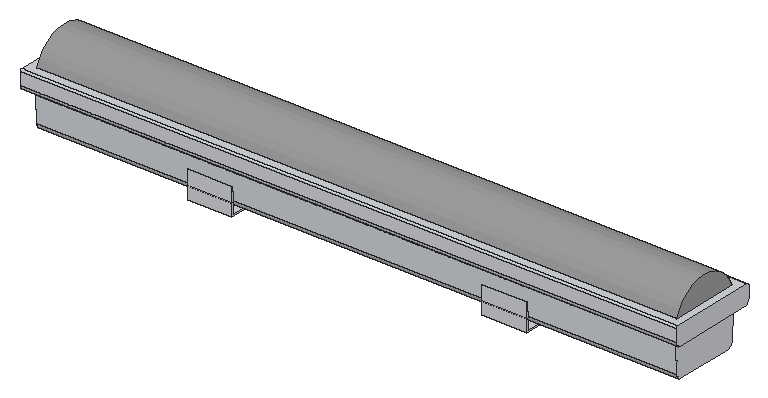
Revit family "0010207", category Lighting Fixtures, host Face, Revit 2017
Family settings
  Host = Face
  Round Connector Dimension = Use Diameter
  Part Type = Normal
  OmniClass Number = 23.80.70.00
  OmniClass Title = Lighting
  Cut with Voids When Loaded = No
  Light Source = Yes
  Shared = No
  Room Calculation Point = No
Parameters (values of type "0010207 RESISTO 600 HE IP66 2500LM 840")
  Weight = "0.96 kg"
  Wattage Comments = ""
  Wattage = 16 W
  WarrantyStartDate [instance] = "n/a"
  WarrantyGuarantorParts = "n/a"
  WarrantyDurationUnit = "n/a"
  WarrantyDurationParts = "n/a"
  WarrantyDescription = "n/a"
  WIDTH_SYL = 44.5 mm
  built-in parameter 1150110 = 1 (stored number, unit not read)
  Voltage = 0 V
  URL = "http://www.sylvania-lighting.com"
  TypeName = "Resisto  600 HE IP66 2500lm 840"
  Type Image = <None>
  Type Comments = "n/a"
  built-in parameter 1114217 = 1 (stored number, unit not read)
  Tilt Angle = -90.00°
  built-in parameter 1150109 = 1 (stored number, unit not read)
  built-in parameter 1150134 = 12
  TOP_WIDTH_SYL = 33.5 mm
  built-in parameter 1150113 = 1 (stored number, unit not read)
  SerialNumber [instance] = "n/a"
  Photometric Web File = "0010207.ies"
  Material_3_SYL = none
  PowerFactor = 0.95
  PowerConsumption = "16 W"
  NominalLength = 650 mm
  NominalHeight = 80 mm
  NominalDepth = 87 mm
  Name = "Resisto  600 HE IP66 2500lm 840"
  ModelReference = Name  # "Resisto  600 HE IP66 2500lm 840"
  ModelNumber = "0010207"
  Model = Name  # "Resisto  600 HE IP66 2500lm 840"
  Material = "pc polycarbonate housing, pc polycarbonate diffuser"
  ManufacturerName = "Feilo Sylvania"
  Manufacturer = "Feilo Sylvania"
  MID_WIDTH_SYL = 36 mm
  LuminousEfficacy = "156 lm/W"
  built-in parameter 1150105 = 829.02 (stored number, unit not read)
  Lumens = 2496 lm
  LuminaireType = ""
  built-in parameter 1150115 = 1 (stored number, unit not read)
  LightOutputRatio = "n/a"
  built-in parameter 1150137 = (empty or 0)
  built-in parameter 1150139 = (empty or 0)
  LampsType = Lamp  # "LED"
  LampNominalLuminous = "2500 lm"
  LampMacAdamStep = "3"
  LampColourTemperature = "4000 K"
  LampColourRenderingIndex = "80"
  built-in parameter 1150112 = 1 (stored number, unit not read)
  built-in parameter 1150114 = 1 (stored number, unit not read)
  Lamp = "LED"
  LENGHT_SYL = if(L1500_SYL, 742 mm, if(L1200_SYL, 592 mm, 317 mm))  # 317 mm
  LENGHT_CHAMFER_SYL = if(L1500_SYL, 750 mm, if(L1200_SYL, 600 mm, 325 mm))  # 325 mm
  LENGHT_650_SYL = 325 mm
  LENGHT-_SYL = if(L1500_SYL, -742 mm, if(L1200_SYL, -592 mm, -317 mm))  # -317 mm
  LENGHT-_CHAMFER_SYL = if(L1500_SYL, -750 mm, if(L1200_SYL, -600 mm, -325 mm))  # -325 mm
  LEGHT_650-_SYL = -325 mm
  LEGHT_1500_SYL = 750 mm
  LEGHT_1500-_SYL = -750 mm
  LEGHT_1200_SYL = 600 mm
  LEGHT_1200-_SYL = -600 mm
  L0650_SYL = yes
  L1500_SYL = no
  L1200_SYL = no
  Keynote = "16500"
  InstallationDate [instance] = "n/a"
  InputVoltage = "n/a"
  InputNominalFrequency = "n/a"
  built-in parameter 1150132 = (empty or 0)
  built-in parameter 1150102 = (empty or 0)
  built-in parameter 1150107 = 4000 (stored number, unit not read)
  built-in parameter 1150138 = (empty or 0)
  IngressProtection = "IP66"
  ImpactProtectionIndex = "IK08"
  built-in parameter 1150106 = 8.2902 (stored number, unit not read)
  IfcExportType = "IfcLightFixtureType"
  IfcExportAs = "IfcLightFixtureType"
  Emit from Circle Diameter = 609.6 mm
  Emit Shape Visible in Rendering = no
  ElectricShockClassification = "Class I"
  built-in parameter 1150104 = 14.493 (stored number, unit not read)
  DocumentationLiterature = "http://www.sylvania-lighting.com/product/en-int/products/0010207"
  DimmingControlOptions = "n/a"
  Material_2_SYL = none
  Dimming Lamp Color Temperature Shift = <None>
  Description = "Resisto, integrated LED weatherproof luminaire, with UV stabilized flat diffuser designed to achieve uniform lit appearance, optimise light output and to reduce glare. 301 stainless steel diffuser clips and fixing brackets for surface mounting. Polycarbonate housing and diffuser - no yellow discolouration over time. 2500lm; 16W; 156lm/W; 4000K; SDCM<3; non dimmable; CRI80; IP66; IK08; Class I; 69,000hrs (L80B20) lifespan; 650mm x 89mm x 88mm; D-mark."
  Default Elevation = 1219.2 mm
  DIF_WIDHT_SYL = 35 mm
  DIF_HEIGHT_SYL = 24 mm
  CreatedOn = "3/10/2021"
  CreatedBy = "@sylvania-lighting.com"
  Cost = 0
  Color Filter = 16777215
  built-in parameter 1114216 [instance] = (empty or 0)
  ClassificationValue = "EF_70_80"
  ClassificationName = "Uniclass2015"
  Material_1_SYL = Default
  CHAMFER_SYL = 19 mm
  BarCode [instance] = "n/a"
  built-in parameter 1114218 = 1 (stored number, unit not read)
  BRACKET_WIDTH_SYL = BRACKET_DIST_SYL - 44 mm  # 125 mm
  BRACKET_HEIGHT_SYL = 9 mm
  BRACKET_DIST_SYL = LENGHT_CHAMFER_SYL - 156 mm  # 169 mm
  BODY_SYL = 36 mm
  built-in parameter 1150133 = 10 (stored number, unit not read)
  AssetType = "Fixed"
  AssetIdentifier [instance] = "n/a"
  Assembly Code = "D5020200"
  Apparent Load = 16 VA
  Material_4_SYL = none
Reference planes
  plane 1 "Center (Front/Back)": y = 0
  plane 2: z = 0
  plane 3 "Center (Left/Right)": x = 0
  plane 4: z = 9
  plane 5: z = 45
  plane 6: z = 64
  plane 7: z = 88
  plane 8: y = -44.5
  plane 9: y = 44.5
  plane 10: y = -35
  plane 11: y = 35
  plane 12: y = 33.5
  plane 13: y = -33.5
  plane 14: y = -36
  plane 15: y = 36
  plane 16: z = 1
Forms (mm)
  Extrusion 1, solid
    sketch origin (319, 1524, 1219.2) x (0, 1, 0) y (0, 0, 1)
      loop
        line (-1552.835, -1210.2) -> (-1495.165, -1210.2)
        arc (-1495.165, -1210.2) -> (-1491.754, -1208.856) -> (-1490.177, -1205.546) r 5
        line (-1490.177, -1205.546) -> (-1488.323, -1178.854) -> (-1488, -1174.2) -> (-1560, -1174.2) -> (-1559.677, -1178.854) -> (-1557.823, -1205.546)
        arc (-1557.823, -1205.546) -> (-1556.246, -1208.856) -> (-1552.835, -1210.2) r 5
    from -317 <- "LENGHT-_SYL" to 317 <- "LENGHT_SYL"
  Extrusion 2, solid, material "Default" <- "Material_1_SYL"
    sketch origin (319, 1524, 1219.2) x (0, 1, 0) y (0, 0, 1)
      loop
        arc (-1490.5, -1155.2) -> (-1524, -1131.2) -> (-1557.5, -1155.2) r 35.38
        line (-1557.5, -1155.2) -> (-1490.5, -1155.2)
    from -317 <- "LENGHT-_SYL" to 317 <- "LENGHT_SYL"
  Extrusion 3, solid
    sketch origin (319, 1524, 1219.2) x (0, 1, 0) y (0, 0, 1)
      loop
        line (-1481.5, -1155.2) -> (-1566.5, -1155.2)
        arc (-1566.5, -1155.2) -> (-1567.914, -1155.786) -> (-1568.5, -1157.2) r 2
        line (-1568.5, -1157.2) -> (-1568.5, -1169.2)
        arc (-1568.5, -1169.2) -> (-1567.036, -1172.736) -> (-1563.5, -1174.2) r 5
        line (-1563.5, -1174.2) -> (-1484.5, -1174.2)
        arc (-1484.5, -1174.2) -> (-1480.964, -1172.736) -> (-1479.5, -1169.2) r 5
        line (-1479.5, -1169.2) -> (-1479.5, -1157.2)
        arc (-1479.5, -1157.2) -> (-1480.086, -1155.786) -> (-1481.5, -1155.2) r 2
    from -325 <- "LENGHT-_CHAMFER_SYL" to 325 <- "LENGHT_CHAMFER_SYL"
  Extrusion 4, solid
    sketch origin (319, 1524, 1219.2) x (0, 1, 0) y (0, 0, 1)
      loop
        line (-1489, -1219.2) -> (-1489, -1192.216) -> (-1490.5, -1192.216) -> (-1490.5, -1218.2) -> (-1557.5, -1218.2) -> (-1557.5, -1192.172) -> (-1559, -1192.172) -> (-1559, -1219.2) -> (-1489, -1219.2)
    from 125 <- "BRACKET_WIDTH_SYL" to 169 <- "BRACKET_DIST_SYL"
  Extrusion 5, solid
    sketch origin (321, 1524, 1219.2) x (0, 1, 0) y (0, 0, -1)
      loop
        line (-1489, 1219.2) -> (-1559, 1219.2) -> (-1559, 1192.172) -> (-1557.5, 1192.172) -> (-1557.5, 1218.2) -> (-1490.5, 1218.2) -> (-1490.5, 1192.216) -> (-1489, 1192.216) -> (-1489, 1219.2)
    from 125 <- "BRACKET_WIDTH_SYL" to 169 <- "BRACKET_DIST_SYL"
Dimensions and locks
  "BRACKET_HEIGHT_SYL": plane 4 to host face
  "BODY_SYL": plane 4 to plane 5
  "CHAMFER_SYL": plane 5 to plane 6
  "DIF_HEIGHT_SYL": plane 6 to plane 7
  "WIDTH_SYL": plane 9 to plane 1 "Center (Front/Back)" to plane 8
  "DIF_WIDHT_SYL": plane 11 to plane 1 "Center (Front/Back)" to plane 10
  "TOP_WIDTH_SYL": plane 12 to plane 1 "Center (Front/Back)" to plane 13
  "MID_WIDTH_SYL": plane 15 to plane 1 "Center (Front/Back)" to plane 14
  aligned and locked: plane 2 to host face
  aligned and locked: level to host face
  aligned and locked: Extrusion 3 sketch curve to plane 6
  aligned and locked: Extrusion 3 sketch curve to plane 9
  aligned and locked: plane 5 to Extrusion 3 sketch curve
  aligned and locked: plane 8 to Extrusion 3 sketch curve
Automatic sketch dimensions
  host sketch curve to host sketch curve = 2438.4 mm  (x2)
  plane 5 to Extrusion 1 sketch curve = 0 mm
  Extrusion 1 sketch curve to plane 14 = 0 mm
  plane 4 to Extrusion 1 sketch curve = 0 mm
  Extrusion 1 sketch curve to plane 15 = 0 mm
  Extrusion 1 sketch curve to plane 14 = 0.323 mm
  plane 13 to Extrusion 1 sketch curve = 0.323 mm
  Extrusion 1 sketch curve to plane 13 = 4.665 mm
  plane 12 to Extrusion 1 sketch curve = 4.665 mm
  Extrusion 1 sketch curve to plane 12 = 0.323 mm
  plane 15 to Extrusion 1 sketch curve = 0.323 mm
  Extrusion 1 sketch curve to plane 4 = 4.654 mm  (x2)
  plane 5 to Extrusion 1 sketch curve = 4.654 mm  (x2)
  plane 6 to Extrusion 2 sketch curve = 0 mm
  Extrusion 2 sketch curve to plane 13 = 0 mm
  Extrusion 2 sketch curve to plane 1 "Center (Front/Back)" = 0 mm
  Extrusion 2 sketch curve to plane 5 = 7.62 mm
  Extrusion 3 sketch curve to plane 8 = 2 mm
  plane 14 to Extrusion 3 sketch curve = 3.5 mm
  Extrusion 3 sketch curve to plane 15 = 3.5 mm
  plane 6 to Extrusion 3 sketch curve = 2 mm
  Extrusion 4 sketch curve to level = 0 mm
  Extrusion 4 sketch curve to plane 10 = 0 mm
  Extrusion 4 sketch curve to plane 13 = 0 mm
  Extrusion 4 sketch curve to plane 12 = 0 mm
  Extrusion 4 sketch curve to plane 11 = 0 mm
  plane 16 to Extrusion 4 sketch curve = 0 mm
  Extrusion 4 sketch curve to plane 4 = 17.984 mm
  plane 5 to Extrusion 4 sketch curve = 17.972 mm
  Extrusion 5 sketch curve to level = 0 mm
  Extrusion 5 sketch curve to plane 10 = 0 mm
  Extrusion 5 sketch curve to plane 13 = 0 mm
  Extrusion 5 sketch curve to plane 12 = 0 mm
  Extrusion 5 sketch curve to plane 11 = 0 mm
  plane 16 to Extrusion 5 sketch curve = 0 mm
  Extrusion 5 sketch curve to plane 4 = 17.984 mm
  plane 5 to Extrusion 5 sketch curve = 17.972 mm
Connectors
  electrical at (2, 0, 27)
    settings: on Extrusion 1, index 1, voltage 0 V, apparent load 0 VA, apparent load phase1 0 VA, apparent load phase2 0 VA, apparent load phase3 0 VA, power factor 1, load classification "Other", number of poles 1, system type 31, power factor state 1, is connector primary yes, connector utility no, sub classification motor no, connector description ""
Types (60, lengths in mm): name | Weight | Wattage | TypeName | built-in parameter 1150134 | Photometric Web File | PowerFactor | PowerConsumption | NominalLength | Name | ModelReference | ModelNumber | Model | LuminousEfficacy | built-in parameter 1150105 | Lumens | LampNominalLuminous | LampMacAdamStep | LampColourTemperature | LENGHT_SYL | LENGHT_CHAMFER_SYL | LENGHT-_SYL | LENGHT-_CHAMFER_SYL | L0650_SYL | L1500_SYL | L1200_SYL | built-in parameter 1150107 | built-in parameter 1150106 | built-in parameter 1150104 | DocumentationLiterature | Description | BRACKET_WIDTH_SYL | BRACKET_DIST_SYL | Apparent Load
  0010278 RESISTO 1500 HE IP66 8300LM 840 | "1.95 kg" | 54 W | "Resisto 1500 HE IP66 8300lm 840" | 12 | "0010278.ies" | 0.95 | "54 W" | 1500 | "Resisto 1500 HE IP66 8300lm 840" | "Resisto 1500 HE IP66 8300lm 840" | "0010278" | "Resisto 1500 HE IP66 8300lm 840" | "154 lm/W" | 2674.3 (stored number, unit not read) | 8316 lm | "8300 lm" | "3" | "4000 K" | 742 | 750 | -742 | -750 | no | yes | no | 4000 (stored number, unit not read) | 26.743 (stored number, unit not read) | 14.307 (stored number, unit not read) | "http://www.sylvania-lighting.com/product/en-int/products/0010278" | "Resisto, integrated LED weatherproof luminaire, with UV stabilized flat diffuser designed to achieve uniform lit appearance, optimise light output and to reduce glare. 301 stainless steel diffuser clips and fixing brackets for surface mounting. Polycarbonate housing and diffuser - no yellow discolouration over time. 8300lm; 54W; 154lm/W; 4000K; SDCM<3; non dimmable; CRI80; IP66; IK08; Class I; 69,000hrs (L80B20) lifespan; 1500mm x 89mm x 88mm; D-mark." | 550 | 594 | 54 VA
  0010274 RESISTO 1500 HE IP66 DALI 7100LM 840 | "2.01 kg" | 46 W | "Resisto 1500 HE IP66 DALI 7100lm 840" | 12 | "0010274.ies" | 0.98 | "46 W" | 1500 | "Resisto 1500 HE IP66 DALI 7100lm 840" | "Resisto 1500 HE IP66 DALI 7100lm 840" | "0010274" | "Resisto 1500 HE IP66 DALI 7100lm 840" | "154 lm/W" | 2362.2 (stored number, unit not read) | 7084 lm | "7100 lm" | "3" | "4000 K" | 742 | 750 | -742 | -750 | no | yes | no | 4000 (stored number, unit not read) | 23.622 (stored number, unit not read) | 14.307 (stored number, unit not read) | "http://www.sylvania-lighting.com/product/en-int/products/0010274" | "Resisto, integrated LED weatherproof luminaire, with UV stabilized flat diffuser designed to achieve uniform lit appearance, optimise light output and to reduce glare. 301 stainless steel diffuser clips and fixing brackets for surface mounting. Polycarbonate housing and diffuser - no yellow discolouration over time. 7100lm; 46W; 154lm/W; 4000K; SDCM<3; DALI dimmable; CRI80; IP66; IK08; Class I; 69,000hrs (L80B20) lifespan; 1500mm x 89mm x 88mm; D-mark." | 550 | 594 | 46 VA
  0010273 RESISTO 1500 HE IP66 DALI 4000LM 840 | "1.95 kg" | 25 W | "Resisto 1500 HE IP66 DALI 4000lm 840" | 12 | "0010273.ies" | 0.98 | "25 W" | 1500 | "Resisto 1500 HE IP66 DALI 4000lm 840" | "Resisto 1500 HE IP66 DALI 4000lm 840" | "0010273" | "Resisto 1500 HE IP66 DALI 4000lm 840" | "160 lm/W" | 1286.3 (stored number, unit not read) | 4000 lm | "4000 lm" | "3" | "4000 K" | 742 | 750 | -742 | -750 | no | yes | no | 4000 (stored number, unit not read) | 12.863 (stored number, unit not read) | 14.864 (stored number, unit not read) | "http://www.sylvania-lighting.com/product/en-int/products/0010273" | "Resisto, integrated LED weatherproof luminaire, with UV stabilized flat diffuser designed to achieve uniform lit appearance, optimise light output and to reduce glare. 301 stainless steel diffuser clips and fixing brackets for surface mounting. Polycarbonate housing and diffuser - no yellow discolouration over time. 4000lm; 25W; 160lm/W; 4000K; SDCM<3; DALI dimmable; CRI80; IP66; IK08; Class I; 69,000hrs (L80B20) lifespan; 1500mm x 89mm x 88mm; D-mark." | 550 | 594 | 25 VA
  0010272 RESISTO 1500 HE IP66 7100LM 840 EM | "2.58 kg" | 50 W | "Resisto 1500 HE IP66 7100lm 840 EM" | 12 | "0010272.ies" | 0.95 | "50 W" | 1500 | "Resisto 1500 HE IP66 7100lm 840 EM" | "Resisto 1500 HE IP66 7100lm 840 EM" | "0010272" | "Resisto 1500 HE IP66 7100lm 840 EM" | "142 lm/W" | 2367.5 (stored number, unit not read) | 7100 lm | "7100 lm" | "3" | "4000 K" | 742 | 750 | -742 | -750 | no | yes | no | 4000 (stored number, unit not read) | 23.675 (stored number, unit not read) | 13.192 (stored number, unit not read) | "http://www.sylvania-lighting.com/product/en-int/products/0010272" | "Resisto, integrated LED weatherproof luminaire, with UV stabilized flat diffuser designed to achieve uniform lit appearance, optimise light output and to reduce glare. 301 stainless steel diffuser clips and fixing brackets for surface mounting. Polycarbonate housing and diffuser - no yellow discolouration over time. 7100lm; 50W; 142lm/W; 4000K; SDCM<3; non dimmable; CRI80; IP66; IK08; Class I; 69,000hrs (L80B20) lifespan; 1500mm x 89mm x 88mm; D-mark; 3-hour maintained emergency batteries." | 550 | 594 | 50 VA
  0010271 RESISTO 1500 HE IP66 4000LM 840 EM | "2.51 kg" | 29 W | "Resisto 1500 HE IP66 4000lm 840 EM" | 12 | "0010271.ies" | 0.95 | "29 W" | 1500 | "Resisto 1500 HE IP66 4000lm 840 EM" | "Resisto 1500 HE IP66 4000lm 840 EM" | "0010271" | "Resisto 1500 HE IP66 4000lm 840 EM" | "138 lm/W" | 1287 (stored number, unit not read) | 4002 lm | "4000 lm" | "3" | "4000 K" | 742 | 750 | -742 | -750 | no | yes | no | 4000 (stored number, unit not read) | 12.87 (stored number, unit not read) | 12.821 (stored number, unit not read) | "http://www.sylvania-lighting.com/product/en-int/products/0010271" | "Resisto, integrated LED weatherproof luminaire, with UV stabilized flat diffuser designed to achieve uniform lit appearance, optimise light output and to reduce glare. 301 stainless steel diffuser clips and fixing brackets for surface mounting. Polycarbonate housing and diffuser - no yellow discolouration over time. 4000lm; 29W; 138lm/W; 4000K; SDCM<3; non dimmable; CRI80; IP66; IK08; Class I; 69,000hrs (L80B20) lifespan; 1500mm x 89mm x 88mm; D-mark; 3-hour maintained emergency batteries." | 550 | 594 | 29 VA
  0010269 RESISTO 1500 HE IP66 7100LM 840 | "1.95 kg" | 46 W | "Resisto  1500 HE IP66 7100lm 840" | 12 | "0010269.ies" | 0.95 | "46 W" | 1500 | "Resisto  1500 HE IP66 7100lm 840" | "Resisto  1500 HE IP66 7100lm 840" | "0010269" | "Resisto  1500 HE IP66 7100lm 840" | "154 lm/W" | 2362.2 (stored number, unit not read) | 7084 lm | "7100 lm" | "3" | "4000 K" | 742 | 750 | -742 | -750 | no | yes | no | 4000 (stored number, unit not read) | 23.622 (stored number, unit not read) | 14.307 (stored number, unit not read) | "http://www.sylvania-lighting.com/product/en-int/products/0010269" | "Resisto, integrated LED weatherproof luminaire, with UV stabilized flat diffuser designed to achieve uniform lit appearance, optimise light output and to reduce glare. 301 stainless steel diffuser clips and fixing brackets for surface mounting. Polycarbonate housing and diffuser - no yellow discolouration over time. 7100lm; 46W; 154lm/W; 4000K; SDCM<3; non dimmable; CRI80; IP66; IK08; Class I; 69,000hrs (L80B20) lifespan; 1500mm x 89mm x 88mm; D-mark." | 550 | 594 | 46 VA
  0010268 RESISTO 1500 HE IP66 4000LM 840 | "1.87 kg" | 25 W | "Resisto  1500 HE IP66 4000lm 840" | 12 | "0010268.ies" | 0.95 | "25 W" | 1500 | "Resisto  1500 HE IP66 4000lm 840" | "Resisto  1500 HE IP66 4000lm 840" | "0010268" | "Resisto  1500 HE IP66 4000lm 840" | "160 lm/W" | 1286.3 (stored number, unit not read) | 4000 lm | "4000 lm" | "3" | "4000 K" | 742 | 750 | -742 | -750 | no | yes | no | 4000 (stored number, unit not read) | 12.863 (stored number, unit not read) | 14.864 (stored number, unit not read) | "http://www.sylvania-lighting.com/product/en-int/products/0010268" | "Resisto, integrated LED weatherproof luminaire, with UV stabilized flat diffuser designed to achieve uniform lit appearance, optimise light output and to reduce glare. 301 stainless steel diffuser clips and fixing brackets for surface mounting. Polycarbonate housing and diffuser - no yellow discolouration over time. 4000lm; 25W; 160lm/W; 4000K; SDCM<3; non dimmable; CRI80; IP66; IK08; Class I; 69,000hrs (L80B20) lifespan; 1500mm x 89mm x 88mm; D-mark." | 550 | 594 | 25 VA
  0010261 RESISTO 1500 IP66 DALI 8300LM 840 | "2.01 kg" | 61 W | "Resisto  1500 IP66 DALI 8300lm 840" | 12 | "0010261.ies" | 0.99 | "61 W" | 1500 | "Resisto  1500 IP66 DALI 8300lm 840" | "Resisto  1500 IP66 DALI 8300lm 840" | "0010261" | "Resisto  1500 IP66 DALI 8300lm 840" | "136 lm/W" | 2792.8 (stored number, unit not read) | 8296 lm | "8300 lm" | "5" | "4000 K" | 742 | 750 | -742 | -750 | no | yes | no | 4000 (stored number, unit not read) | 27.928 (stored number, unit not read) | 12.635 (stored number, unit not read) | "http://www.sylvania-lighting.com/product/en-int/products/0010261" | "Resisto, integrated LED weatherproof luminaire, with UV stabilized flat diffuser designed to achieve uniform lit appearance, optimise light output and to reduce glare. 301 stainless steel diffuser clips and fixing brackets for surface mounting. Polycarbonate housing and diffuser - no yellow discolouration over time. 8300lm; 61W; 136lm/W; 4000K; SDCM<5; DALI dimmable; CRI80; IP66; IK08; Class I; 69,000hrs (L80B20) lifespan; 1500mm x 89mm x 88mm; D-mark." | 550 | 594 | 61 VA
  0010260 RESISTO 1500 IP66 DALI 7100LM 840 | "2.01 kg" | 52 W | "Resisto  1500 IP66 DALI 7100lm 840" | 12 | "0010260.ies" | 0.99 | "52 W" | 1500 | "Resisto  1500 IP66 DALI 7100lm 840" | "Resisto  1500 IP66 DALI 7100lm 840" | "0010260" | "Resisto  1500 IP66 DALI 7100lm 840" | "137 lm/W" | 2375.5 (stored number, unit not read) | 7124 lm | "7100 lm" | "5" | "4000 K" | 742 | 750 | -742 | -750 | no | yes | no | 4000 (stored number, unit not read) | 23.755 (stored number, unit not read) | 12.728 (stored number, unit not read) | "http://www.sylvania-lighting.com/product/en-int/products/0010260" | "Resisto, integrated LED weatherproof luminaire, with UV stabilized flat diffuser designed to achieve uniform lit appearance, optimise light output and to reduce glare. 301 stainless steel diffuser clips and fixing brackets for surface mounting. Polycarbonate housing and diffuser - no yellow discolouration over time. 7100lm; 52W; 137lm/W; 4000K; SDCM<5; DALI dimmable; CRI80; IP66; IK08; Class I; 69,000hrs (L80B20) lifespan; 1500mm x 89mm x 88mm; D-mark." | 550 | 594 | 52 VA
  0010259 RESISTO 1500 IP66 DALI 4000LM 840 | "1.95 kg" | 30 W | "Resisto  1500 IP66 DALI 4000lm 840" | 12 | "0010259.ies" | 0.98 | "30 W" | 1500 | "Resisto  1500 IP66 DALI 4000lm 840" | "Resisto  1500 IP66 DALI 4000lm 840" | "0010259" | "Resisto  1500 IP66 DALI 4000lm 840" | "133 lm/W" | 1283.1 (stored number, unit not read) | 3990 lm | "4000 lm" | "5" | "4000 K" | 742 | 750 | -742 | -750 | no | yes | no | 4000 (stored number, unit not read) | 12.831 (stored number, unit not read) | 12.356 (stored number, unit not read) | "http://www.sylvania-lighting.com/product/en-int/products/0010259" | "Resisto, integrated LED weatherproof luminaire, with UV stabilized flat diffuser designed to achieve uniform lit appearance, optimise light output and to reduce glare. 301 stainless steel diffuser clips and fixing brackets for surface mounting. Polycarbonate housing and diffuser - no yellow discolouration over time. 4000lm; 30W; 133lm/W; 4000K; SDCM<5; DALI dimmable; CRI80; IP66; IK08; Class I; 69,000hrs (L80B20) lifespan; 1500mm x 89mm x 88mm; D-mark." | 550 | 594 | 30 VA
  0010258 RESISTO 1500 IP66 MWCOR 7100LM 840 | "2.06 kg" | 52 W | "Resisto  1500 IP66 MWcor 7100lm 840" | 12 | "0010258.ies" | 0.99 | "52 W" | 1500 | "Resisto  1500 IP66 MWcor 7100lm 840" | "Resisto  1500 IP66 MWcor 7100lm 840" | "0010258" | "Resisto  1500 IP66 MWcor 7100lm 840" | "137 lm/W" | 2375.5 (stored number, unit not read) | 7124 lm | "7100 lm" | "5" | "4000 K" | 742 | 750 | -742 | -750 | no | yes | no | 4000 (stored number, unit not read) | 23.755 (stored number, unit not read) | 12.728 (stored number, unit not read) | "http://www.sylvania-lighting.com/product/en-int/products/0010258" | "Resisto, integrated LED weatherproof luminaire, with UV stabilized flat diffuser designed to achieve uniform lit appearance, optimise light output and to reduce glare. 301 stainless steel diffuser clips and fixing brackets for surface mounting. Polycarbonate housing and diffuser - no yellow discolouration over time. 7100lm; 52W; 137lm/W; 4000K; SDCM<5; non dimmable; CRI80; IP66; IK08; Class I; 69,000hrs (L80B20) lifespan; 1500mm x 89mm x 88mm; D-mark; corridor function with microwave presence sensor." | 550 | 594 | 52 VA
  0010257 RESISTO 1500 IP66 MWCOR 4000LM 840 | "2.0 kg" | 30 W | "Resisto  1500 IP66 MWcor 4000lm 840" | 12 | "0010257.ies" | 0.98 | "30 W" | 1500 | "Resisto  1500 IP66 MWcor 4000lm 840" | "Resisto  1500 IP66 MWcor 4000lm 840" | "0010257" | "Resisto  1500 IP66 MWcor 4000lm 840" | "133 lm/W" | 1283.1 (stored number, unit not read) | 3990 lm | "4000 lm" | "5" | "4000 K" | 742 | 750 | -742 | -750 | no | yes | no | 4000 (stored number, unit not read) | 12.831 (stored number, unit not read) | 12.356 (stored number, unit not read) | "http://www.sylvania-lighting.com/product/en-int/products/0010257" | "Resisto, integrated LED weatherproof luminaire, with UV stabilized flat diffuser designed to achieve uniform lit appearance, optimise light output and to reduce glare. 301 stainless steel diffuser clips and fixing brackets for surface mounting. Polycarbonate housing and diffuser - no yellow discolouration over time. 4000lm; 30W; 133lm/W; 4000K; SDCM<5; non dimmable; CRI80; IP66; IK08; Class I; 69,000hrs (L80B20) lifespan; 1500mm x 89mm x 88mm; D-mark; corridor function with microwave presence sensor." | 550 | 594 | 30 VA
  0010256 RESISTO 1500 IP66 MW 7100LM 840 | "2.0 kg" | 52 W | "Resisto  1500 IP66 MW 7100lm 840" | 12 | "0010256.ies" | 0.95 | "52 W" | 1500 | "Resisto  1500 IP66 MW 7100lm 840" | "Resisto  1500 IP66 MW 7100lm 840" | "0010256" | "Resisto  1500 IP66 MW 7100lm 840" | "137 lm/W" | 2375.5 (stored number, unit not read) | 7124 lm | "7100 lm" | "5" | "4000 K" | 742 | 750 | -742 | -750 | no | yes | no | 4000 (stored number, unit not read) | 23.755 (stored number, unit not read) | 12.728 (stored number, unit not read) | "http://www.sylvania-lighting.com/product/en-int/products/0010256" | "Resisto, integrated LED weatherproof luminaire, with UV stabilized flat diffuser designed to achieve uniform lit appearance, optimise light output and to reduce glare. 301 stainless steel diffuser clips and fixing brackets for surface mounting. Polycarbonate housing and diffuser - no yellow discolouration over time. 7100lm; 52W; 137lm/W; 4000K; SDCM<5; non dimmable; CRI80; IP66; IK08; Class I; 69,000hrs (L80B20) lifespan; 1500mm x 89mm x 88mm; D-mark; MW On/Off." | 550 | 594 | 52 VA
  0010255 RESISTO 1500 IP66 MW 4000LM 840 | "1.92 kg" | 30 W | "Resisto  1500 IP66 MW 4000lm 840" | 12 | "0010255.ies" | 0.95 | "30 W" | 1500 | "Resisto  1500 IP66 MW 4000lm 840" | "Resisto  1500 IP66 MW 4000lm 840" | "0010255" | "Resisto  1500 IP66 MW 4000lm 840" | "133 lm/W" | 1283.1 (stored number, unit not read) | 3990 lm | "4000 lm" | "5" | "4000 K" | 742 | 750 | -742 | -750 | no | yes | no | 4000 (stored number, unit not read) | 12.831 (stored number, unit not read) | 12.356 (stored number, unit not read) | "http://www.sylvania-lighting.com/product/en-int/products/0010255" | "Resisto, integrated LED weatherproof luminaire, with UV stabilized flat diffuser designed to achieve uniform lit appearance, optimise light output and to reduce glare. 301 stainless steel diffuser clips and fixing brackets for surface mounting. Polycarbonate housing and diffuser - no yellow discolouration over time. 4000lm; 30W; 133lm/W; 4000K; SDCM<5; non dimmable; CRI80; IP66; IK08; Class I; 69,000hrs (L80B20) lifespan; 1500mm x 89mm x 88mm; D-mark; MW On/Off." | 550 | 594 | 30 VA
  0010254 RESISTO 1500 IP66 7100LM 840 EM | "2.59 kg" | 56 W | "Resisto  1500 IP66 7100lm 840 EM" | 12 | "0010254.ies" | 0.95 | "56 W" | 1500 | "Resisto  1500 IP66 7100lm 840 EM" | "Resisto  1500 IP66 7100lm 840 EM" | "0010254" | "Resisto  1500 IP66 7100lm 840 EM" | "127 lm/W" | 2371.5 (stored number, unit not read) | 7112 lm | "7100 lm" | "5" | "4000 K" | 742 | 750 | -742 | -750 | no | yes | no | 4000 (stored number, unit not read) | 23.715 (stored number, unit not read) | 11.799 (stored number, unit not read) | "http://www.sylvania-lighting.com/product/en-int/products/0010254" | "Resisto, integrated LED weatherproof luminaire, with UV stabilized flat diffuser designed to achieve uniform lit appearance, optimise light output and to reduce glare. 301 stainless steel diffuser clips and fixing brackets for surface mounting. Polycarbonate housing and diffuser - no yellow discolouration over time. 7100lm; 56W; 127lm/W; 4000K; SDCM<5; non dimmable; CRI80; IP66; IK08; Class I; 69,000hrs (L80B20) lifespan; 1500mm x 89mm x 88mm; D-mark; 3-hour maintained emergency batteries." | 550 | 594 | 56 VA
  0010253 RESISTO 1500 IP66 4000LM 840 EM | "2.5 kg" | 34 W | "Resisto  1500 IP66 4000lm 840 EM" | 12 | "0010253.ies" | 0.95 | "34 W" | 1500 | "Resisto  1500 IP66 4000lm 840 EM" | "Resisto  1500 IP66 4000lm 840 EM" | "0010253" | "Resisto  1500 IP66 4000lm 840 EM" | "118 lm/W" | 1290.2 (stored number, unit not read) | 4012 lm | "4000 lm" | "5" | "4000 K" | 742 | 750 | -742 | -750 | no | yes | no | 4000 (stored number, unit not read) | 12.902 (stored number, unit not read) | 10.963 (stored number, unit not read) | "http://www.sylvania-lighting.com/product/en-int/products/0010253" | "Resisto, integrated LED weatherproof luminaire, with UV stabilized flat diffuser designed to achieve uniform lit appearance, optimise light output and to reduce glare. 301 stainless steel diffuser clips and fixing brackets for surface mounting. Polycarbonate housing and diffuser - no yellow discolouration over time. 4000lm; 34W; 118lm/W; 4000K; SDCM<5; non dimmable; CRI80; IP66; IK08; Class I; 69,000hrs (L80B20) lifespan; 1500mm x 89mm x 88mm; D-mark; 3-hour maintained emergency batteries." | 550 | 594 | 34 VA
  0010252 RESISTO 1500 IP66 7100LM 840 5XTH | "2.18 kg" | 52 W | "Resisto 1500 IP66 7100lm 840 5xTH" | 12 | "0010252.ies" | 0.95 | "52 W" | 1500 | "Resisto 1500 IP66 7100lm 840 5xTH" | "Resisto 1500 IP66 7100lm 840 5xTH" | "0010252" | "Resisto 1500 IP66 7100lm 840 5xTH" | "137 lm/W" | 2375.5 (stored number, unit not read) | 7124 lm | "7100 lm" | "5" | "4000 K" | 742 | 750 | -742 | -750 | no | yes | no | 4000 (stored number, unit not read) | 23.755 (stored number, unit not read) | 12.728 (stored number, unit not read) | "http://www.sylvania-lighting.com/product/en-int/products/0010252" | "Resisto, integrated LED weatherproof luminaire, with UV stabilized flat diffuser designed to achieve uniform lit appearance, optimise light output and to reduce glare. 301 stainless steel diffuser clips and fixing brackets for surface mounting. Polycarbonate housing and diffuser - no yellow discolouration over time. 7100lm; 52W; 137lm/W; 4000K; SDCM<5; non dimmable; CRI80; IP66; IK08; Class I; 69,000hrs (L80B20) lifespan; 1500mm x 89mm x 88mm; D-mark; through wiring." | 550 | 594 | 52 VA
  0010251 RESISTO 1500 IP66 4000LM 840 5XTH | "2.1 kg" | 30 W | "Resisto 1500 IP66 4000lm 840 5xTH" | 12 | "0010251.ies" | 0.95 | "30 W" | 1500 | "Resisto 1500 IP66 4000lm 840 5xTH" | "Resisto 1500 IP66 4000lm 840 5xTH" | "0010251" | "Resisto 1500 IP66 4000lm 840 5xTH" | "133 lm/W" | 1283.1 (stored number, unit not read) | 3990 lm | "4000 lm" | "5" | "4000 K" | 742 | 750 | -742 | -750 | no | yes | no | 4000 (stored number, unit not read) | 12.831 (stored number, unit not read) | 12.356 (stored number, unit not read) | "http://www.sylvania-lighting.com/product/en-int/products/0010251" | "Resisto, integrated LED weatherproof luminaire, with UV stabilized flat diffuser designed to achieve uniform lit appearance, optimise light output and to reduce glare. 301 stainless steel diffuser clips and fixing brackets for surface mounting. Polycarbonate housing and diffuser - no yellow discolouration over time. 4000lm; 30W; 133lm/W; 4000K; SDCM<5; non dimmable; CRI80; IP66; IK08; Class I; 69,000hrs (L80B20) lifespan; 1500mm x 89mm x 88mm; D-mark; through wiring." | 550 | 594 | 30 VA
  0010250 RESISTO 1500 IP66 7100LM 840 QC | "2.02 kg" | 52 W | "Resisto  1500 IP66 7100lm 840 QC" | 12 | "0010250.ies" | 0.95 | "52 W" | 1512 | "Resisto  1500 IP66 7100lm 840 QC" | "Resisto  1500 IP66 7100lm 840 QC" | "0010250" | "Resisto  1500 IP66 7100lm 840 QC" | "137 lm/W" | 2375.5 (stored number, unit not read) | 7124 lm | "7100 lm" | "5" | "4000 K" | 742 | 750 | -742 | -750 | no | yes | no | 4000 (stored number, unit not read) | 23.755 (stored number, unit not read) | 12.728 (stored number, unit not read) | "http://www.sylvania-lighting.com/product/en-int/products/0010250" | "Resisto, integrated LED weatherproof luminaire, with UV stabilized flat diffuser designed to achieve uniform lit appearance, optimise light output and to reduce glare. 301 stainless steel diffuser clips and fixing brackets for surface mounting. Polycarbonate housing and diffuser - no yellow discolouration over time. 7100lm; 52W; 137lm/W; 4000K; SDCM<5; non dimmable; CRI80; IP66; IK08; Class I; 69,000hrs (L80B20) lifespan; 1500mm x 89mm x 88mm; D-mark; assembled with quick connector." | 550 | 594 | 52 VA
  0010249 RESISTO 1500 IP66 4000LM 840 QC | "1.94 kg" | 30 W | "Resisto  1500 IP66 4000lm 840 QC" | 12 | "0010249.ies" | 0.95 | "30 W" | 1512 | "Resisto  1500 IP66 4000lm 840 QC" | "Resisto  1500 IP66 4000lm 840 QC" | "0010249" | "Resisto  1500 IP66 4000lm 840 QC" | "133 lm/W" | 1283.1 (stored number, unit not read) | 3990 lm | "4000 lm" | "5" | "4000 K" | 742 | 750 | -742 | -750 | no | yes | no | 4000 (stored number, unit not read) | 12.831 (stored number, unit not read) | 12.356 (stored number, unit not read) | "http://www.sylvania-lighting.com/product/en-int/products/0010249" | "Resisto, integrated LED weatherproof luminaire, with UV stabilized flat diffuser designed to achieve uniform lit appearance, optimise light output and to reduce glare. 301 stainless steel diffuser clips and fixing brackets for surface mounting. Polycarbonate housing and diffuser - no yellow discolouration over time. 4000lm; 30W; 133lm/W; 4000K; SDCM<5; non dimmable; CRI80; IP66; IK08; Class I; 69,000hrs (L80B20) lifespan; 1500mm x 89mm x 88mm; D-mark; assembled with quick connector." | 550 | 594 | 30 VA
  0010248 RESISTO 1500 IP66 8300LM 865 | "1.95 kg" | 61 W | "Resisto  1500 IP66 8300lm 865" | 1 | "0010248.ies" | 0.95 | "61 W" | 1500 | "Resisto  1500 IP66 8300lm 865" | "Resisto  1500 IP66 8300lm 865" | "0010248" | "Resisto  1500 IP66 8300lm 865" | "136 lm/W" | 2792.8 (stored number, unit not read) | 8296 lm | "8300 lm" | "5" | "6500 K" | 742 | 750 | -742 | -750 | no | yes | no | 6500 (stored number, unit not read) | 27.928 (stored number, unit not read) | 12.635 (stored number, unit not read) | "http://www.sylvania-lighting.com/product/en-int/products/0010248" | "Resisto, integrated LED weatherproof luminaire, with UV stabilized flat diffuser designed to achieve uniform lit appearance, optimise light output and to reduce glare. 301 stainless steel diffuser clips and fixing brackets for surface mounting. Polycarbonate housing and diffuser - no yellow discolouration over time. 8300lm; 61W; 136lm/W; 6500K; SDCM<5; non dimmable; CRI80; IP66; IK08; Class I; 69,000hrs (L80B20) lifespan; 1500mm x 89mm x 88mm; D-mark." | 550 | 594 | 61 VA
  0010247 RESISTO 1500 IP66 7100LM 865 | "1.95 kg" | 52 W | "Resisto  1500 IP66 7100lm 865" | 1 | "0010247.ies" | 0.95 | "52 W" | 1500 | "Resisto  1500 IP66 7100lm 865" | "Resisto  1500 IP66 7100lm 865" | "0010247" | "Resisto  1500 IP66 7100lm 865" | "137 lm/W" | 2375.5 (stored number, unit not read) | 7124 lm | "7100 lm" | "5" | "6500 K" | 742 | 750 | -742 | -750 | no | yes | no | 6500 (stored number, unit not read) | 23.755 (stored number, unit not read) | 12.728 (stored number, unit not read) | "http://www.sylvania-lighting.com/product/en-int/products/0010247" | "Resisto, integrated LED weatherproof luminaire, with UV stabilized flat diffuser designed to achieve uniform lit appearance, optimise light output and to reduce glare. 301 stainless steel diffuser clips and fixing brackets for surface mounting. Polycarbonate housing and diffuser - no yellow discolouration over time. 7100lm; 52W; 137lm/W; 6500K; SDCM<5; non dimmable; CRI80; IP66; IK08; Class I; 69,000hrs (L80B20) lifespan; 1500mm x 89mm x 88mm; D-mark." | 550 | 594 | 52 VA
  0010246 RESISTO 1500 IP66 4000LM 865 | "1.87 kg" | 30 W | "Resisto  1500 IP66 4000lm 865" | 1 | "0010246.ies" | 0.95 | "30 W" | 1500 | "Resisto  1500 IP66 4000lm 865" | "Resisto  1500 IP66 4000lm 865" | "0010246" | "Resisto  1500 IP66 4000lm 865" | "133 lm/W" | 1283.1 (stored number, unit not read) | 3990 lm | "4000 lm" | "5" | "6500 K" | 742 | 750 | -742 | -750 | no | yes | no | 6500 (stored number, unit not read) | 12.831 (stored number, unit not read) | 12.356 (stored number, unit not read) | "http://www.sylvania-lighting.com/product/en-int/products/0010246" | "Resisto, integrated LED weatherproof luminaire, with UV stabilized flat diffuser designed to achieve uniform lit appearance, optimise light output and to reduce glare. 301 stainless steel diffuser clips and fixing brackets for surface mounting. Polycarbonate housing and diffuser - no yellow discolouration over time. 4000lm; 30W; 133lm/W; 6500K; SDCM<5; non dimmable; CRI80; IP66; IK08; Class I; 69,000hrs (L80B20) lifespan; 1500mm x 89mm x 88mm; D-mark." | 550 | 594 | 30 VA
  0010245 RESISTO 1500 IP66 8300LM 840 | "15.48 kg" | 61 W | "Resisto  1500 IP66 8300lm 840" | 12 | "0010245.ies" | 0.95 | "61.0 W" | 1500 | "Resisto  1500 IP66 8300lm 840" | "Resisto  1500 IP66 8300lm 840" | "0010245" | "Resisto  1500 IP66 8300lm 840" | "136 lm/W" | -23179853.6 (stored number, unit not read) | 8296 lm | "8300 lm" | "5" | "4000 K" | 742 | 750 | -742 | -750 | no | yes | no | 4000 (stored number, unit not read) | -231798.5 (stored number, unit not read) | 12.635 (stored number, unit not read) | "http://www.sylvania-lighting.com/product/en-int/products/0010245" | "Resisto, integrated LED weatherproof luminaire, with UV stabilized flat diffuser designed to achieve uniform lit appearance, optimise light output and to reduce glare. 301 stainless steel diffuser clips and fixing brackets for surface mounting. Polycarbonate housing and diffuser - no yellow discolouration over time. 8300lm; 61W; 136lm/W; 4000K; SDCM<5; non dimmable; CRI80; IP66; IK08; Class I; 69,000hrs (L80B20) lifespan; 1500mm x 89mm x 88mm; D-mark." | 550 | 594 | 61 VA
  0010244 RESISTO 1500 IP66 7100LM 840 | "15.48 kg" | 52 W | "Resisto  1500 IP66 7100lm 840" | 12 | "0010244.ies" | 0.95 | "52.0 W" | 1500 | "Resisto  1500 IP66 7100lm 840" | "Resisto  1500 IP66 7100lm 840" | "0010244" | "Resisto  1500 IP66 7100lm 840" | "137 lm/W" | -16865856.3 (stored number, unit not read) | 7124 lm | "7100 lm" | "5" | "4000 K" | 742 | 750 | -742 | -750 | no | yes | no | 4000 (stored number, unit not read) | -168658.6 (stored number, unit not read) | 12.728 (stored number, unit not read) | "http://www.sylvania-lighting.com/product/en-int/products/0010244" | "Resisto, integrated LED weatherproof luminaire, with UV stabilized flat diffuser designed to achieve uniform lit appearance, optimise light output and to reduce glare. 301 stainless steel diffuser clips and fixing brackets for surface mounting. Polycarbonate housing and diffuser - no yellow discolouration over time. 7100lm; 52W; 137lm/W; 4000K; SDCM<5; non dimmable; CRI80; IP66; IK08; Class I; 69,000hrs (L80B20) lifespan; 1500mm x 89mm x 88mm; D-mark." | 550 | 594 | 52 VA
  0010243 RESISTO 1500 IP66 4000LM 840 | "1.87 kg" | 30 W | "Resisto  1500 IP66 4000lm 840" | 12 | "0010243.ies" | 0.95 | "30 W" | 1500 | "Resisto  1500 IP66 4000lm 840" | "Resisto  1500 IP66 4000lm 840" | "0010243" | "Resisto  1500 IP66 4000lm 840" | "133 lm/W" | 1283.1 (stored number, unit not read) | 3990 lm | "4000 lm" | "5" | "4000 K" | 742 | 750 | -742 | -750 | no | yes | no | 4000 (stored number, unit not read) | 12.831 (stored number, unit not read) | 12.356 (stored number, unit not read) | "http://www.sylvania-lighting.com/product/en-int/products/0010243" | "Resisto, integrated LED weatherproof luminaire, with UV stabilized flat diffuser designed to achieve uniform lit appearance, optimise light output and to reduce glare. 301 stainless steel diffuser clips and fixing brackets for surface mounting. Polycarbonate housing and diffuser - no yellow discolouration over time. 4000lm; 30W; 133lm/W; 4000K; SDCM<5; non dimmable; CRI80; IP66; IK08; Class I; 69,000hrs (L80B20) lifespan; 1500mm x 89mm x 88mm; D-mark." | 550 | 594 | 30 VA
  0010242 RESISTO 1500 IP66 8300LM 830 | "1.95 kg" | 61 W | "Resisto  1500 IP66 8300lm 830" | (empty or 0) | "0010242.ies" | 0.95 | "61 W" | 1500 | "Resisto  1500 IP66 8300lm 830" | "Resisto  1500 IP66 8300lm 830" | "0010242" | "Resisto  1500 IP66 8300lm 830" | "136 lm/W" | 2792.8 (stored number, unit not read) | 8296 lm | "8300 lm" | "5" | "3000 K" | 742 | 750 | -742 | -750 | no | yes | no | 3000 (stored number, unit not read) | 27.928 (stored number, unit not read) | 12.635 (stored number, unit not read) | "http://www.sylvania-lighting.com/product/en-int/products/0010242" | "Resisto, integrated LED weatherproof luminaire, with UV stabilized flat diffuser designed to achieve uniform lit appearance, optimise light output and to reduce glare. 301 stainless steel diffuser clips and fixing brackets for surface mounting. Polycarbonate housing and diffuser - no yellow discolouration over time. 8300lm; 61W; 136lm/W; 3000K; SDCM<5; non dimmable; CRI80; IP66; IK08; Class I; 69,000hrs (L80B20) lifespan; 1500mm x 89mm x 88mm; D-mark." | 550 | 594 | 61 VA
  0010241 RESISTO 1500 IP66 7100LM 830 | "1.95 kg" | 52 W | "Resisto  1500 IP66 7100lm 830" | (empty or 0) | "0010241.ies" | 0.95 | "52 W" | 1500 | "Resisto  1500 IP66 7100lm 830" | "Resisto  1500 IP66 7100lm 830" | "0010241" | "Resisto  1500 IP66 7100lm 830" | "137 lm/W" | 2375.5 (stored number, unit not read) | 7124 lm | "7100 lm" | "5" | "3000 K" | 742 | 750 | -742 | -750 | no | yes | no | 3000 (stored number, unit not read) | 23.755 (stored number, unit not read) | 12.728 (stored number, unit not read) | "http://www.sylvania-lighting.com/product/en-int/products/0010241" | "Resisto, integrated LED weatherproof luminaire, with UV stabilized flat diffuser designed to achieve uniform lit appearance, optimise light output and to reduce glare. 301 stainless steel diffuser clips and fixing brackets for surface mounting. Polycarbonate housing and diffuser - no yellow discolouration over time. 7100lm; 52W; 137lm/W; 3000K; SDCM<5; non dimmable; CRI80; IP66; IK08; Class I; 69,000hrs (L80B20) lifespan; 1500mm x 89mm x 88mm; D-mark." | 550 | 594 | 52 VA
  0010240 RESISTO 1500 IP66 4000LM 830 | "1.87 kg" | 30 W | "Resisto  1500 IP66 4000lm 830" | (empty or 0) | "0010240.ies" | 0.95 | "30 W" | 1500 | "Resisto  1500 IP66 4000lm 830" | "Resisto  1500 IP66 4000lm 830" | "0010240" | "Resisto  1500 IP66 4000lm 830" | "133 lm/W" | 1283.1 (stored number, unit not read) | 3990 lm | "4000 lm" | "5" | "3000 K" | 742 | 750 | -742 | -750 | no | yes | no | 3000 (stored number, unit not read) | 12.831 (stored number, unit not read) | 12.356 (stored number, unit not read) | "http://www.sylvania-lighting.com/product/en-int/products/0010240" | "Resisto, integrated LED weatherproof luminaire, with UV stabilized flat diffuser designed to achieve uniform lit appearance, optimise light output and to reduce glare. 301 stainless steel diffuser clips and fixing brackets for surface mounting. Polycarbonate housing and diffuser - no yellow discolouration over time. 4000lm; 30W; 133lm/W; 3000K; SDCM<5; non dimmable; CRI80; IP66; IK08; Class I; 69,000hrs (L80B20) lifespan; 1500mm x 89mm x 88mm; D-mark." | 550 | 594 | 30 VA
  0010237 RESISTO 1200 HE IP66 DALI 4800LM 840 | "1.59 kg" | 31 W | "Resisto  1200 HE IP66 DALI 4800lm 840" | 12 | "0010237.ies" | 0.98 | "31 W" | 1200 | "Resisto  1200 HE IP66 DALI 4800lm 840" | "Resisto  1200 HE IP66 DALI 4800lm 840" | "0010237" | "Resisto  1200 HE IP66 DALI 4800lm 840" | "155 lm/W" | 1587 (stored number, unit not read) | 4805 lm | "4800 lm" | "3" | "4000 K" | 592 | 600 | -592 | -600 | no | no | yes | 4000 (stored number, unit not read) | 15.87 (stored number, unit not read) | 14.4 (stored number, unit not read) | "http://www.sylvania-lighting.com/product/en-int/products/0010237" | "Resisto, integrated LED weatherproof luminaire, with UV stabilized flat diffuser designed to achieve uniform lit appearance, optimise light output and to reduce glare. 301 stainless steel diffuser clips and fixing brackets for surface mounting. Polycarbonate housing and diffuser - no yellow discolouration over time. 4800lm; 31W; 155lm/W; 4000K; SDCM<3; DALI dimmable; CRI80; IP66; IK08; Class I; 69,000hrs (L80B20) lifespan; 1200mm x 89mm x 88mm; D-mark." | 400 | 444 | 31 VA
  0010236 RESISTO 1200 HE IP66 DALI 2800LM 840 | "1.51 kg" | 18 W | "Resisto  1200 HE IP66 DALI 2800lm 840" | 12 | "0010236.ies" | 0.98 | "18 W" | 1200 | "Resisto  1200 HE IP66 DALI 2800lm 840" | "Resisto  1200 HE IP66 DALI 2800lm 840" | "0010236" | "Resisto  1200 HE IP66 DALI 2800lm 840" | "156 lm/W" | 922.88 (stored number, unit not read) | 2808 lm | "2800 lm" | "3" | "4000 K" | 592 | 600 | -592 | -600 | no | no | yes | 4000 (stored number, unit not read) | 9.2288 (stored number, unit not read) | 14.493 (stored number, unit not read) | "http://www.sylvania-lighting.com/product/en-int/products/0010236" | "Resisto, integrated LED weatherproof luminaire, with UV stabilized flat diffuser designed to achieve uniform lit appearance, optimise light output and to reduce glare. 301 stainless steel diffuser clips and fixing brackets for surface mounting. Polycarbonate housing and diffuser - no yellow discolouration over time. 2800lm; 18W; 156lm/W; 4000K; SDCM<3; DALI dimmable; CRI80; IP66; IK08; Class I; 69,000hrs (L80B20) lifespan; 1200mm x 89mm x 88mm; D-mark." | 400 | 444 | 18 VA
  0010235 RESISTO 1200 HE IP66 4800LM 840 EM | "2.12 kg" | 35 W | "Resisto  1200 HE IP66 4800lm 840 EM" | 12 | "0010235.ies" | 0.95 | "35 W" | 1200 | "Resisto  1200 HE IP66 4800lm 840 EM" | "Resisto  1200 HE IP66 4800lm 840 EM" | "0010235" | "Resisto  1200 HE IP66 4800lm 840 EM" | "137 lm/W" | 1583.6 (stored number, unit not read) | 4795 lm | "4800 lm" | "3" | "4000 K" | 592 | 600 | -592 | -600 | no | no | yes | 4000 (stored number, unit not read) | 15.836 (stored number, unit not read) | 12.728 (stored number, unit not read) | "http://www.sylvania-lighting.com/product/en-int/products/0010235" | "Resisto, integrated LED weatherproof luminaire, with UV stabilized flat diffuser designed to achieve uniform lit appearance, optimise light output and to reduce glare. 301 stainless steel diffuser clips and fixing brackets for surface mounting. Polycarbonate housing and diffuser - no yellow discolouration over time. 4800lm; 35W; 137lm/W; 4000K; SDCM<3; non dimmable; CRI80; IP66; IK08; Class I; 69,000hrs (L80B20) lifespan; 1200mm x 89mm x 88mm; D-mark; 3-hour maintained emergency batteries." | 400 | 444 | 35 VA
  0010234 RESISTO 1200 HE IP66 2800LM 840 EM | "2.12 kg" | 22 W | "Resisto  1200 HE IP66 2800lm 840 EM" | 12 | "0010234.ies" | 0.95 | "22 W" | 1200 | "Resisto  1200 HE IP66 2800lm 840 EM" | "Resisto  1200 HE IP66 2800lm 840 EM" | "0010234" | "Resisto  1200 HE IP66 2800lm 840 EM" | "127 lm/W" | 918.28 (stored number, unit not read) | 2794 lm | "2800 lm" | "3" | "4000 K" | 592 | 600 | -592 | -600 | no | no | yes | 4000 (stored number, unit not read) | 9.1828 (stored number, unit not read) | 11.799 (stored number, unit not read) | "http://www.sylvania-lighting.com/product/en-int/products/0010234" | "Resisto, integrated LED weatherproof luminaire, with UV stabilized flat diffuser designed to achieve uniform lit appearance, optimise light output and to reduce glare. 301 stainless steel diffuser clips and fixing brackets for surface mounting. Polycarbonate housing and diffuser - no yellow discolouration over time. 2800lm; 22W; 127lm/W; 4000K; SDCM<3; non dimmable; CRI80; IP66; IK08; Class I; 69,000hrs (L80B20) lifespan; 1200mm x 89mm x 88mm; D-mark; 3-hour maintained emergency batteries." | 400 | 444 | 22 VA
  0010233 RESISTO 1200 HE IP66 4800LM 840 | "1.51 kg" | 31 W | "Resisto  1200 HE IP66 4800lm 840" | 12 | "0010233.ies" | 0.95 | "31 W" | 1200 | "Resisto  1200 HE IP66 4800lm 840" | "Resisto  1200 HE IP66 4800lm 840" | "0010233" | "Resisto  1200 HE IP66 4800lm 840" | "155 lm/W" | 1587 (stored number, unit not read) | 4805 lm | "4800 lm" | "3" | "4000 K" | 592 | 600 | -592 | -600 | no | no | yes | 4000 (stored number, unit not read) | 15.87 (stored number, unit not read) | 14.4 (stored number, unit not read) | "http://www.sylvania-lighting.com/product/en-int/products/0010233" | "Resisto, integrated LED weatherproof luminaire, with UV stabilized flat diffuser designed to achieve uniform lit appearance, optimise light output and to reduce glare. 301 stainless steel diffuser clips and fixing brackets for surface mounting. Polycarbonate housing and diffuser - no yellow discolouration over time. 4800lm; 31W; 155lm/W; 4000K; SDCM<3; non dimmable; CRI80; IP66; IK08; Class I; 69,000hrs (L80B20) lifespan; 1200mm x 89mm x 88mm; D-mark." | 400 | 444 | 31 VA
  0010232 RESISTO 1200 HE IP66 2800LM 840 | "1.5 kg" | 18 W | "Resisto  1200 HE IP66 2800lm 840" | 12 | "0010232.ies" | 0.95 | "18 W" | 1200 | "Resisto  1200 HE IP66 2800lm 840" | "Resisto  1200 HE IP66 2800lm 840" | "0010232" | "Resisto  1200 HE IP66 2800lm 840" | "156 lm/W" | 922.88 (stored number, unit not read) | 2808 lm | "2800 lm" | "3" | "4000 K" | 592 | 600 | -592 | -600 | no | no | yes | 4000 (stored number, unit not read) | 9.2288 (stored number, unit not read) | 14.493 (stored number, unit not read) | "http://www.sylvania-lighting.com/product/en-int/products/0010232" | "Resisto, integrated LED weatherproof luminaire, with UV stabilized flat diffuser designed to achieve uniform lit appearance, optimise light output and to reduce glare. 301 stainless steel diffuser clips and fixing brackets for surface mounting. Polycarbonate housing and diffuser - no yellow discolouration over time. 2800lm; 18W; 156lm/W; 4000K; SDCM<3; non dimmable; CRI80; IP66; IK08; Class I; 69,000hrs (L80B20) lifespan; 1200mm x 89mm x 88mm; D-mark." | 400 | 444 | 18 VA
  0010225 RESISTO 1200 IP66 DALI 4800LM 840 | "1.62 kg" | 35 W | "Resisto  1200 IP66 DALI 4800lm 840" | 12 | "0010225.ies" | 0.98 | "35 W" | 1200 | "Resisto  1200 IP66 DALI 4800lm 840" | "Resisto  1200 IP66 DALI 4800lm 840" | "0010225" | "Resisto  1200 IP66 DALI 4800lm 840" | "137 lm/W" | 1583.6 (stored number, unit not read) | 4795 lm | "4800 lm" | "5" | "4000 K" | 592 | 600 | -592 | -600 | no | no | yes | 4000 (stored number, unit not read) | 15.836 (stored number, unit not read) | 12.728 (stored number, unit not read) | "http://www.sylvania-lighting.com/product/en-int/products/0010225" | "Resisto, integrated LED weatherproof luminaire, with UV stabilized flat diffuser designed to achieve uniform lit appearance, optimise light output and to reduce glare. 301 stainless steel diffuser clips and fixing brackets for surface mounting. Polycarbonate housing and diffuser - no yellow discolouration over time. 4800lm; 35W; 137lm/W; 4000K; SDCM<5; DALI dimmable; CRI80; IP66; IK08; Class I; 69,000hrs (L80B20) lifespan; 1200mm x 89mm x 88mm; D-mark." | 400 | 444 | 35 VA
  0010224 RESISTO 1200 IP66 DALI 2800LM 840 | "1.59 kg" | 21 W | "Resisto  1200 IP66 DALI 2800lm 840" | 12 | "0010224.ies" | 0.98 | "21 W" | 1200 | "Resisto  1200 IP66 DALI 2800lm 840" | "Resisto  1200 IP66 DALI 2800lm 840" | "0010224" | "Resisto  1200 IP66 DALI 2800lm 840" | "133 lm/W" | 917.95 (stored number, unit not read) | 2793 lm | "2800 lm" | "5" | "4000 K" | 592 | 600 | -592 | -600 | no | no | yes | 4000 (stored number, unit not read) | 9.1795 (stored number, unit not read) | 12.356 (stored number, unit not read) | "http://www.sylvania-lighting.com/product/en-int/products/0010224" | "Resisto, integrated LED weatherproof luminaire, with UV stabilized flat diffuser designed to achieve uniform lit appearance, optimise light output and to reduce glare. 301 stainless steel diffuser clips and fixing brackets for surface mounting. Polycarbonate housing and diffuser - no yellow discolouration over time. 2800lm; 21W; 133lm/W; 4000K; SDCM<5; DALI dimmable; CRI80; IP66; IK08; Class I; 69,000hrs (L80B20) lifespan; 1200mm x 89mm x 88mm; D-mark." | 400 | 444 | 21 VA
  0010223 RESISTO 1200 IP66 MWCOR 4800LM 840 | "1.72 kg" | 35 W | "Resisto  1200 IP66 MWcor 4800lm 840" | 12 | "0010223.ies" | 0.98 | "35 W" | 1200 | "Resisto  1200 IP66 MWcor 4800lm 840" | "Resisto  1200 IP66 MWcor 4800lm 840" | "0010223" | "Resisto  1200 IP66 MWcor 4800lm 840" | "137 lm/W" | 1583.6 (stored number, unit not read) | 4795 lm | "4800 lm" | "5" | "4000 K" | 592 | 600 | -592 | -600 | no | no | yes | 4000 (stored number, unit not read) | 15.836 (stored number, unit not read) | 12.728 (stored number, unit not read) | "http://www.sylvania-lighting.com/product/en-int/products/0010223" | "Resisto, integrated LED weatherproof luminaire, with UV stabilized flat diffuser designed to achieve uniform lit appearance, optimise light output and to reduce glare. 301 stainless steel diffuser clips and fixing brackets for surface mounting. Polycarbonate housing and diffuser - no yellow discolouration over time. 4800lm; 35W; 137lm/W; 4000K; SDCM<5; non dimmable; CRI80; IP66; IK08; Class I; 69,000hrs (L80B20) lifespan; 1200mm x 89mm x 88mm; D-mark; corridor function with microwave presence sensor." | 400 | 444 | 35 VA
  0010222 RESISTO 1200 IP66 MWCOR 2800LM 840 | "1.64 kg" | 21 W | "Resisto  1200 IP66 MWcor 2800lm 840" | 12 | "0010222.ies" | 0.98 | "21 W" | 1200 | "Resisto  1200 IP66 MWcor 2800lm 840" | "Resisto  1200 IP66 MWcor 2800lm 840" | "0010222" | "Resisto  1200 IP66 MWcor 2800lm 840" | "133 lm/W" | 917.95 (stored number, unit not read) | 2793 lm | "2800 lm" | "5" | "4000 K" | 592 | 600 | -592 | -600 | no | no | yes | 4000 (stored number, unit not read) | 9.1795 (stored number, unit not read) | 12.356 (stored number, unit not read) | "http://www.sylvania-lighting.com/product/en-int/products/0010222" | "Resisto, integrated LED weatherproof luminaire, with UV stabilized flat diffuser designed to achieve uniform lit appearance, optimise light output and to reduce glare. 301 stainless steel diffuser clips and fixing brackets for surface mounting. Polycarbonate housing and diffuser - no yellow discolouration over time. 2800lm; 21W; 133lm/W; 4000K; SDCM<5; non dimmable; CRI80; IP66; IK08; Class I; 69,000hrs (L80B20) lifespan; 1200mm x 89mm x 88mm; D-mark; corridor function with microwave presence sensor." | 400 | 444 | 21 VA
  0010221 RESISTO 1200 IP66 MW 4800LM 840 | "1.59 kg" | 35 W | "Resisto  1200 IP66 MW 4800lm 840" | 12 | "0010221.ies" | 0.95 | "35 W" | 1200 | "Resisto  1200 IP66 MW 4800lm 840" | "Resisto  1200 IP66 MW 4800lm 840" | "0010221" | "Resisto  1200 IP66 MW 4800lm 840" | "137 lm/W" | 1583.6 (stored number, unit not read) | 4795 lm | "4800 lm" | "5" | "4000 K" | 592 | 600 | -592 | -600 | no | no | yes | 4000 (stored number, unit not read) | 15.836 (stored number, unit not read) | 12.728 (stored number, unit not read) | "http://www.sylvania-lighting.com/product/en-int/products/0010221" | "Resisto, integrated LED weatherproof luminaire, with UV stabilized flat diffuser designed to achieve uniform lit appearance, optimise light output and to reduce glare. 301 stainless steel diffuser clips and fixing brackets for surface mounting. Polycarbonate housing and diffuser - no yellow discolouration over time. 4800lm; 35W; 137lm/W; 4000K; SDCM<5; non dimmable; CRI80; IP66; IK08; Class I; 69,000hrs (L80B20) lifespan; 1200mm x 89mm x 88mm; D-mark; MW On/Off." | 400 | 444 | 35 VA
  0010220 RESISTO 1200 IP66 MW 2800LM 840 | "1.55 kg" | 21 W | "Resisto  1200 IP66 MW 2800lm 840" | 12 | "0010220.ies" | 0.95 | "21 W" | 1200 | "Resisto  1200 IP66 MW 2800lm 840" | "Resisto  1200 IP66 MW 2800lm 840" | "0010220" | "Resisto  1200 IP66 MW 2800lm 840" | "133 lm/W" | 917.95 (stored number, unit not read) | 2793 lm | "2800 lm" | "5" | "4000 K" | 592 | 600 | -592 | -600 | no | no | yes | 4000 (stored number, unit not read) | 9.1795 (stored number, unit not read) | 12.356 (stored number, unit not read) | "http://www.sylvania-lighting.com/product/en-int/products/0010220" | "Resisto, integrated LED weatherproof luminaire, with UV stabilized flat diffuser designed to achieve uniform lit appearance, optimise light output and to reduce glare. 301 stainless steel diffuser clips and fixing brackets for surface mounting. Polycarbonate housing and diffuser - no yellow discolouration over time. 2800lm; 21W; 133lm/W; 4000K; SDCM<5; non dimmable; CRI80; IP66; IK08; Class I; 69,000hrs (L80B20) lifespan; 1200mm x 89mm x 88mm; D-mark; MW On/Off." | 400 | 444 | 21 VA
  0010219 RESISTO 1200 IP66 4800LM 840 EM | "2.16 kg" | 39 W | "Resisto  1200 IP66 4800lm 840 EM" | 12 | "0010219.ies" | 0.95 | "39 W" | 1200 | "Resisto  1200 IP66 4800lm 840 EM" | "Resisto  1200 IP66 4800lm 840 EM" | "0010219" | "Resisto  1200 IP66 4800lm 840 EM" | "123 lm/W" | 1584.3 (stored number, unit not read) | 4797 lm | "4800 lm" | "5" | "4000 K" | 592 | 600 | -592 | -600 | no | no | yes | 4000 (stored number, unit not read) | 15.843 (stored number, unit not read) | 11.427 (stored number, unit not read) | "http://www.sylvania-lighting.com/product/en-int/products/0010219" | "Resisto, integrated LED weatherproof luminaire, with UV stabilized flat diffuser designed to achieve uniform lit appearance, optimise light output and to reduce glare. 301 stainless steel diffuser clips and fixing brackets for surface mounting. Polycarbonate housing and diffuser - no yellow discolouration over time. 4800lm; 39W; 123lm/W; 4000K; SDCM<5; non dimmable; CRI80; IP66; IK08; Class I; 69,000hrs (L80B20) lifespan; 1200mm x 89mm x 88mm; D-mark; 3-hour maintained emergency batteries." | 400 | 444 | 39 VA
  0010218 RESISTO 1200 IP66 2800LM 840 EM | "2.12 kg" | 25 W | "Resisto  1200 IP66 2800lm 840 EM" | 12 | "0010218.ies" | 0.95 | "25 W" | 1200 | "Resisto  1200 IP66 2800lm 840 EM" | "Resisto  1200 IP66 2800lm 840 EM" | "0010218" | "Resisto  1200 IP66 2800lm 840 EM" | "112 lm/W" | 920.25 (stored number, unit not read) | 2800 lm | "2800 lm" | "5" | "4000 K" | 592 | 600 | -592 | -600 | no | no | yes | 4000 (stored number, unit not read) | 9.2025 (stored number, unit not read) | 10.405 (stored number, unit not read) | "http://www.sylvania-lighting.com/product/en-int/products/0010218" | "Resisto, integrated LED weatherproof luminaire, with UV stabilized flat diffuser designed to achieve uniform lit appearance, optimise light output and to reduce glare. 301 stainless steel diffuser clips and fixing brackets for surface mounting. Polycarbonate housing and diffuser - no yellow discolouration over time. 2800lm; 25W; 112lm/W; 4000K; SDCM<5; non dimmable; CRI80; IP66; IK08; Class I; 69,000hrs (L80B20) lifespan; 1200mm x 89mm x 88mm; D-mark; 3-hour maintained emergency batteries." | 400 | 444 | 25 VA
  0010217 RESISTO 1200 IP66 4800LM 840 5XTH | "1.72 kg" | 35 W | "Resisto 1200 IP66 4800lm 840 5xTH" | 12 | "0010217.ies" | 0.95 | "35 W" | 1200 | "Resisto 1200 IP66 4800lm 840 5xTH" | "Resisto 1200 IP66 4800lm 840 5xTH" | "0010217" | "Resisto 1200 IP66 4800lm 840 5xTH" | "137 lm/W" | 1583.6 (stored number, unit not read) | 4795 lm | "4800 lm" | "5" | "4000 K" | 592 | 600 | -592 | -600 | no | no | yes | 4000 (stored number, unit not read) | 15.836 (stored number, unit not read) | 12.728 (stored number, unit not read) | "http://www.sylvania-lighting.com/product/en-int/products/0010217" | "Resisto, integrated LED weatherproof luminaire, with UV stabilized flat diffuser designed to achieve uniform lit appearance, optimise light output and to reduce glare. 301 stainless steel diffuser clips and fixing brackets for surface mounting. Polycarbonate housing and diffuser - no yellow discolouration over time. 4800lm; 35W; 137lm/W; 4000K; SDCM<5; non dimmable; CRI80; IP66; IK08; Class I; 69,000hrs (L80B20) lifespan; 1200mm x 89mm x 88mm; D-mark; through wiring." | 400 | 444 | 35 VA
  0010216 RESISTO 1200 IP66 2800LM 840 5XTH | "1.68 kg" | 21 W | "Resisto 1200 IP66 2800lm 840 5xTH" | 12 | "0010216.ies" | 0.95 | "21 W" | 1200 | "Resisto 1200 IP66 2800lm 840 5xTH" | "Resisto 1200 IP66 2800lm 840 5xTH" | "0010216" | "Resisto 1200 IP66 2800lm 840 5xTH" | "133 lm/W" | 917.95 (stored number, unit not read) | 2793 lm | "2800 lm" | "5" | "4000 K" | 592 | 600 | -592 | -600 | no | no | yes | 4000 (stored number, unit not read) | 9.1795 (stored number, unit not read) | 12.356 (stored number, unit not read) | "http://www.sylvania-lighting.com/product/en-int/products/0010216" | "Resisto, integrated LED weatherproof luminaire, with UV stabilized flat diffuser designed to achieve uniform lit appearance, optimise light output and to reduce glare. 301 stainless steel diffuser clips and fixing brackets for surface mounting. Polycarbonate housing and diffuser - no yellow discolouration over time. 2800lm; 21W; 133lm/W; 4000K; SDCM<5; non dimmable; CRI80; IP66; IK08; Class I; 69,000hrs (L80B20) lifespan; 1200mm x 89mm x 88mm; D-mark; through wiring." | 400 | 444 | 21 VA
